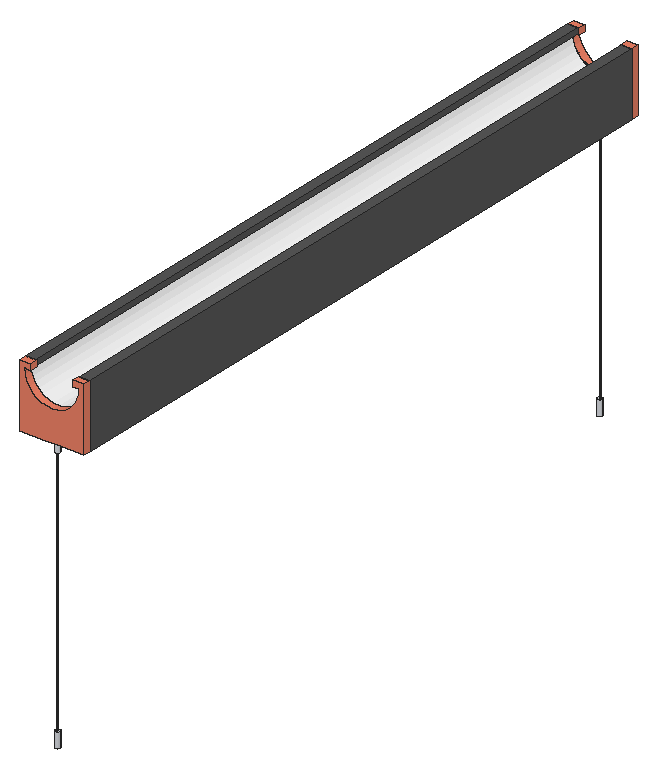
Revit family "ARX.4-P-DI", category Lighting Fixtures, host Face, Revit 2018
Family settings
  Host = Face
  Round Connector Dimension = Use Diameter
  Part Type = Normal
  Cut with Voids When Loaded = No
  Light Source = Yes
  Shared = Yes
  Room Calculation Point = Yes
Parameters (values of type "4' Direct/ Indirect")
  Wattage = 35.2941 W
  built-in parameter 1150110 = 1 (stored number, unit not read)
  Voltage = 0 V
  built-in parameter 1114217 = 1 (stored number, unit not read)
  Tilt Angle = 90.00°
  built-in parameter 1150109 = 1 (stored number, unit not read)
  built-in parameter 1150134 = 12
  Switch Leg Visibility = no
  Switch Leg [instance] = ""
  Suspension Length [instance] = 2' - 0"
  built-in parameter 1150113 = 1 (stored number, unit not read)
  Photometric Web File = "ARX-P-DI_375_375_4_40K_8.ies"
  Material - Body [instance] = LUX ILLUMINAIRE Black
  Material - End Cap [instance] = LUX ILLUMINAIRE Orange
  built-in parameter 1150105 = 238.73 (stored number, unit not read)
  Lumens = 3000 lm
  built-in parameter 1150115 = 1 (stored number, unit not read)
  built-in parameter 1150137 = (empty or 0)
  built-in parameter 1150139 = (empty or 0)
  built-in parameter 1150112 = 1 (stored number, unit not read)
  built-in parameter 1150114 = 1 (stored number, unit not read)
  Lamp = "LED"
  built-in parameter 1150132 = 2
  built-in parameter 1150102 = (empty or 0)
  built-in parameter 1150107 = 4000 (stored number, unit not read)
  built-in parameter 1150138 = (empty or 0)
  Indirect Light Source = Fixture Length - 0' 3"  # 3' - 9"
  built-in parameter 1150106 = 2.3873 (stored number, unit not read)
  Fixture Width = 0' - 4 1/2"  # constant formula
  Fixture Symbol Visiblity = yes
  Fixture Length = 4' - 0"
  Emit from Rectangle Width = 0' - 3"  # constant formula
  Emit from Rectangle Length = Fixture Length  # 4' - 0"
  Emit Shape Visible in Rendering = no
  Emergency Lighting [instance] = no
  built-in parameter 1150104 = 7.8968 (stored number, unit not read)
  Dimming Lamp Color Temperature Shift = <None>
  Default Elevation = 4' - 0"
  Color Filter = 16777215
  built-in parameter 1140040 [instance] = 1
  built-in parameter 1114218 = 1 (stored number, unit not read)
  built-in parameter 1150133 = 10 (stored number, unit not read)
  Apparent Load = 23.3 VA
Types (7): name | Wattage | built-in parameter 1150105 | Lumens | Indirect Light Source | built-in parameter 1150106 | Fixture Length | Emit from Rectangle Length | Apparent Load
  2' Direct/ Indirect | 17.6471 W | 119.37 (stored number, unit not read) | 1500 lm | 1' - 9" | 1.1937 (stored number, unit not read) | 2' - 0" | 2' - 0" | 11.7 VA
  3' Direct/ Indirect | 26.4706 W | 179.05 (stored number, unit not read) | 2250 lm | 2' - 9" | 1.7905 (stored number, unit not read) | 3' - 0" | 3' - 0" | 17.5 VA
  4' Direct/ Indirect | 35.2941 W | 238.73 (stored number, unit not read) | 3000 lm | 3' - 9" | 2.3873 (stored number, unit not read) | 4' - 0" | 4' - 0" | 23.3 VA
  5' Direct/ Indirect | 44.1176 W | 298.42 (stored number, unit not read) | 3750 lm | 4' - 9" | 2.9842 (stored number, unit not read) | 5' - 0" | 5' - 0" | 29.1 VA
  6' Direct/ Indirect | 52.9412 W | 358.1 (stored number, unit not read) | 4500 lm | 5' - 9" | 3.581 (stored number, unit not read) | 6' - 0" | 6' - 0" | 35 VA
  7' Direct/ Indirect | 61.7647 W | 417.78 (stored number, unit not read) | 5250 lm | 6' - 9" | 4.1778 (stored number, unit not read) | 7' - 0" | 7' - 0" | 40.8 VA
  8' Direct/ Indirect | 70.5882 W | 477.46 (stored number, unit not read) | 6000 lm | 7' - 9" | 4.7746 (stored number, unit not read) | 8' - 0" | 8' - 0" | 46.6 VA
Reference planes (in)
  plane 1 "Center (Front/Back)": y = 0
  plane 2: z = 0
  plane 3 "Center (Left/Right)": x = 0
  plane 4: x = 2.25
  plane 5: x = -2.25
  plane 6: y = 24
  plane 7: y = -24
  plane 8: z = 24
  plane 9: y = 24.5
  plane 10: y = -24.5
  plane 11: z = 1
  plane 12: z = 19.5
  plane 13: z = 18.75
Forms (in)
  Extrusion 1, solid, material "LUX ILLUMINAIRE Black" <- "Material - Body"
    sketch origin (0, 0, 0) x (1, 0, 0) y (0, 0, 1)
      loop
        line (-2.25025, 19.4985) -> (-0.437, 19.4985) -> (0.438, 19.4985) -> (2.25126, 19.4985) -> (2.25126, 24) -> (1.53869, 24) -> (1.53869, 23.61455) -> (1.99286, 23.61455)
        arc (1.99286, 23.61455) -> (-0.00674, 21.56222) -> (-2.00634, 23.61455) r 2.00028
        line (-2.00634, 23.61455) -> (-1.53881, 23.61455) -> (-1.53881, 24) -> (-2.25025, 24) -> (-2.25025, 19.4985)
    from -24 to 24
  Extrusion 2, solid, material "LUX ILLUMINAIRE Orange" <- "Material - End Cap"
    sketch origin (0, 0, 0) x (1, 0, 0) y (0, 0, 1)
      loop
        line (-2.25025, 24) -> (-2.25025, 19.4985) -> (-0.437, 19.4985) -> (0.438, 19.4985) -> (2.25126, 19.4985) -> (2.25126, 24) -> (1.50013, 24) -> (1.50013, 23.5625) -> (1.89951, 23.5625)
        arc (1.89951, 23.5625) -> (-0.00674, 21.65625) -> (-1.91299, 23.5625) r 1.90625
        line (-1.91299, 23.5625) -> (-1.50025, 23.5625) -> (-1.50025, 24) -> (-2.25025, 24)
    from 24 to 24.5
  Extrusion 3, solid
    sketch origin (0, 0, 0) x (1, 0, 0) y (0, 1, 0)
      loop
        circle (0.00029, -24) r 0.1875
    from 0 to 1
  Extrusion 4, solid
    sketch origin (0, 0, 0) x (1, 0, 0) y (0, 1, 0)
      loop
        circle (0.0005, -24) r 0.03125
    from 1 to 18.75
  Extrusion 5, solid
    sketch origin (0, 0, 0) x (1, 0, 0) y (0, 1, 0)
      loop
        circle (0.0005, -24) r 0.18729
    from 18.75 to 19.5
  Extrusion 6, solid, not visible
    sketch origin (0, 0, 0) x (1, 0, 0) y (0, 1, 0)
      loop
        circle (0.00029, -24) r 0.1875
    from 0 to 1
  Extrusion 7, solid, not visible
    sketch origin (0, 0, 0) x (1, 0, 0) y (0, 1, 0)
      loop
        circle (0.0005, -24) r 0.03125
    from 1 to 13.33203
  Extrusion 8, solid, not visible
    sketch origin (0, 0, 0) x (1, 0, 0) y (0, 1, 0)
      loop
        circle (0.0005, -24) r 0.18729
    from 13.33203 to 14.08203
  Extrusion 9, solid, material "LUX ILLUMINAIRE Orange" <- "Material - End Cap"
    sketch origin (0.00056, 24, 0) x (1, 0, 0) y (0, 0, -1)
      loop
        line (-2.25056, -24) -> (-1.50082, -24) -> (-1.50082, -23.5625) -> (-1.91355, -23.5625)
        arc (-1.91355, -23.5625) -> (-0.0073, -21.65625) -> (1.89895, -23.5625) r 1.90625
        line (1.89895, -23.5625) -> (1.49957, -23.5625) -> (1.49957, -24) -> (2.24944, -24) -> (2.24944, -19.4985) -> (0.438, -19.4985) -> (-0.437, -19.4985) -> (-2.25056, -19.4985) -> (-2.25056, -24)
    from 0 to 0.5
  Extrusion 10, solid
    sketch origin (0, 0, 0) x (1, 0, 0) y (0, 1, 0)
      loop
        circle (0.00029, 24) r 0.1875
    from 0 to 1
  Extrusion 11, solid
    sketch origin (0, 0, 0) x (1, 0, 0) y (0, 1, 0)
      loop
        circle (0.0005, 24) r 0.03125
    from 1 to 18.75
  Extrusion 12, solid
    sketch origin (0, 0, 0) x (1, 0, 0) y (0, 1, 0)
      loop
        circle (0.0005, 24) r 0.18729
    from 18.75 to 19.5
  Extrusion 13, solid, material "Light Emit"
    sketch origin (0, 0, 0) x (1, 0, 0) y (0, 0, 1)
      loop
        line (-1.98294, 23.61455) -> (-2.09548, 23.61455)
        arc (-2.09548, 23.61455) -> (-0.00674, 21.47311) -> (2.082, 23.61455) r 2.08939
        line (2.082, 23.61455) -> (1.96946, 23.61455)
        arc (1.96946, 23.61455) -> (-0.00674, 21.58562) -> (-1.98294, 23.61455) r 1.97688
    from -24 to 24
Lines and regions (in)
  symbolic lines, visible <- "Fixture Symbol Visiblity"
    curve 1: line (-2.25, 24, 0) -> (2.25, 24, 0)
    curve 2: line (-2.25, -24, 0) -> (-2.25, 24, 0)
    curve 3: line (2.25, -24, 0) -> (-2.25, -24, 0)
    curve 4: line (2.25, 24, 0) -> (2.25, -24, 0)
Dimensions and locks (in)
  plane 5 to plane 4 = 0' - 4 1/2"
  equal spacing: plane 7, plane 1 "Center (Front/Back)", plane 6
  "Fixture Length": plane 7 to plane 6
  "Suspension Length": plane 8 to level
  "Fixture Width": plane 4 to plane 5
  equal spacing: plane 4, plane 3 "Center (Left/Right)", plane 5
  locked: nested 2 to plane 10 at 9.5
  locked: nested 3 to Extrusion 1 at 0.09086
  plane 8 to plane 12 to plane 13 = 0' - 4 1/2" locked, 0' - 0 3/4" locked
  locked: plane 9 to plane 6 at 0.5
  locked: plane 7 to plane 10 at 0.5
  aligned and locked: plane 2 to host face
  aligned and locked: level to host face
  aligned and locked: Extrusion 9 to plane 5
  aligned and locked: plane 4 to Extrusion 9
  aligned and locked: plane 6 to Extrusion 9
  aligned and locked: Extrusion 1 to plane 6
  aligned and locked: plane 10 to Extrusion 2
  aligned and locked: Extrusion 2 to plane 7
  aligned and locked: plane 7 to Extrusion 1
  aligned and locked: Extrusion 9 to plane 9
  aligned and locked: plane 12 to Extrusion 12
  aligned and locked: Extrusion 12 to plane 13
  aligned and locked: plane 13 to Extrusion 11
  aligned and locked: plane 12 to Extrusion 5
  aligned and locked: Extrusion 5 to plane 13
  aligned and locked: plane 13 to Extrusion 4
  aligned and locked: plane 7 to nested 1
  aligned and locked: plane 6 to curve 1
  aligned and locked: plane 5 to curve 2
  aligned and locked: curve 3 to plane 7
  aligned and locked: curve 4 to plane 4
  aligned and locked: nested 1 to plane 6
  aligned and locked: Extrusion 2 sketch curve to plane 8  (x2)
  aligned and locked: Extrusion 1 sketch curve to plane 8  (x2)
  aligned and locked: Extrusion 9 sketch curve to plane 8  (x2)
  aligned and locked: Extrusion 13 to plane 6
  aligned and locked: plane 7 to Extrusion 13
  aligned and locked: imposter light to plane 8
Automatic sketch dimensions
  host sketch curve to host sketch curve = 8' - 0"  (x2)
  Extrusion 1 sketch curve to plane 5 = 0' - 0.00025"
  Extrusion 1 sketch curve to plane 12 = 0' - 0.0015"
  Extrusion 1 sketch curve to plane 3 "Center (Left/Right)" = 0' - 0.437"
  plane 3 "Center (Left/Right)" to Extrusion 1 sketch curve = 0' - 0.438"
  Extrusion 2 sketch curve to plane 5 = 0' - 0.00025"
  Extrusion 2 sketch curve to plane 12 = 0' - 0.0015"
  Extrusion 2 sketch curve to plane 3 "Center (Left/Right)" = 0' - 0.437"
  plane 3 "Center (Left/Right)" to Extrusion 2 sketch curve = 0' - 0.438"
  plane 4 to Extrusion 2 sketch curve = 0' - 0.00126"
  plane 5 to Extrusion 9 sketch curve = 0' - 0"
  Extrusion 9 sketch curve to plane 12 = 0' - 0.0015"
  Extrusion 9 sketch curve to plane 3 "Center (Left/Right)" = 0' - 0.43644"
  plane 3 "Center (Left/Right)" to Extrusion 9 sketch curve = 0' - 0.43856"
  plane 4 to Extrusion 9 sketch curve = 0' - 0"
  plane 7 to Extrusion 3 sketch curve = 0' - 0"
  plane 3 "Center (Left/Right)" to Extrusion 3 sketch curve = 0' - 0.00029"
  plane 7 to Extrusion 4 sketch curve = 0' - 0"
  plane 3 "Center (Left/Right)" to Extrusion 4 sketch curve = 0' - 0.0005"
  plane 7 to Extrusion 5 sketch curve = 0' - 0"
  plane 3 "Center (Left/Right)" to Extrusion 5 sketch curve = 0' - 0.0005"
  plane 6 to Extrusion 10 sketch curve = 0' - 0"
  plane 3 "Center (Left/Right)" to Extrusion 10 sketch curve = 0' - 0.00029"
  plane 6 to Extrusion 11 sketch curve = 0' - 0"
  plane 3 "Center (Left/Right)" to Extrusion 11 sketch curve = 0' - 0.0005"
  plane 6 to Extrusion 12 sketch curve = 0' - 0"
  plane 3 "Center (Left/Right)" to Extrusion 12 sketch curve = 0' - 0.0005"
  plane 5 to Extrusion 2 sketch curve = 0' - 0.33701"
  Extrusion 2 sketch curve to Extrusion 2 sketch curve = 0' - 0.41274"
  Extrusion 2 sketch curve to plane 3 "Center (Left/Right)" = 0' - 0.00674"
  Extrusion 2 sketch curve to Extrusion 2 sketch curve = 0' - 0.39938"
  Extrusion 2 sketch curve to plane 8 = 0' - 0 7/16"
  plane 4 to Extrusion 1 sketch curve = 0' - 0.00126"
  plane 5 to Extrusion 1 sketch curve = 0' - 0.24366"
  Extrusion 1 sketch curve to Extrusion 1 sketch curve = 0' - 0.46753"
  Extrusion 1 sketch curve to plane 3 "Center (Left/Right)" = 0' - 0.00674"
  Extrusion 1 sketch curve to plane 4 = 0' - 0.71131"
  Extrusion 1 sketch curve to plane 4 = 0' - 0.25714"
  Extrusion 1 sketch curve to plane 8 = 0' - 0 7/16"
  Extrusion 1 sketch curve to plane 8 = 0' - 0.38545"
  plane 5 to Extrusion 9 sketch curve = 0' - 0.33701"
  Extrusion 9 sketch curve to Extrusion 9 sketch curve = 0' - 0.41274"
  Extrusion 9 sketch curve to plane 3 "Center (Left/Right)" = 0' - 0.00674"
  Extrusion 9 sketch curve to Extrusion 9 sketch curve = 0' - 0.39938"
  Extrusion 9 sketch curve to plane 8 = 0' - 0 7/16"
  Extrusion 13 sketch curve to Extrusion 13 sketch curve = 0' - 0"  (x2)
  plane 5 to Extrusion 13 sketch curve = 0' - 0.15452"
  Extrusion 13 sketch curve to Extrusion 13 sketch curve = 0' - 0.11255"
  Extrusion 13 sketch curve to plane 3 "Center (Left/Right)" = 0' - 0.00674"
  Extrusion 13 sketch curve to plane 4 = 0' - 0.28054"
  Extrusion 13 sketch curve to plane 8 = 0' - 0 7/16"
  Extrusion 13 sketch curve to plane 8 = 0' - 0.38545"
  radius of Extrusion 3 sketch curve = 0' - 0 3/16"
  radius of Extrusion 4 sketch curve = 0' - 0 1/32"
  radius of Extrusion 5 sketch curve = 0' - 0.18729"
  radius of Extrusion 6 sketch curve = 0' - 0 3/16"
  radius of Extrusion 7 sketch curve = 0' - 0 1/32"
  radius of Extrusion 8 sketch curve = 0' - 0.18729"
  radius of Extrusion 10 sketch curve = 0' - 0 3/16"
  radius of Extrusion 11 sketch curve = 0' - 0 1/32"
  radius of Extrusion 12 sketch curve = 0' - 0.18729"
Nested families (in)
  nested 1: "Emergency Symbol Rectangle" at (-11.85739, 0, 0) x (0, 1, 0) z (0, 0, 1), visible <- "Emergency Lighting", type "Emergency Symbol Rectangle"
    with Width 1' - 0.40228", Length 4' - 0"
  nested 2: "Switch Leg Annotation" at (9.99627, -15, 0) x (0, 1, 0) z (0, 0, 1), visible <- "Switch Leg Visibility", Switch Leg Annotation <- "Switch Leg", type "Switch Leg Annotation"
    with Switch Leg Annotation ""
  nested 3: "Indirect Light Source 2" at (-8.67032, 0.00882, -34.59236) x (0, 1, 0) z (0, 0, 1), type "Indirect Light Source 2"
Connectors (in)
  electrical at (0.00029, 24, 0), driven by "Apparent Load", driven by "Voltage"
    settings: on Extrusion 10, index 1, voltage 0 V, apparent load 0 VA, apparent load phase1 23.3 VA, apparent load phase2 0 VA, apparent load phase3 0 VA, power factor 1, load classification "Other", number of poles 1, system type 31, power factor state 1, is connector primary yes, connector utility no, sub classification motor no, connector description ""
Definition of nested family "Emergency Symbol Rectangle"
  Parameters (values of type "Emergency Symbol Rectangle")
    Width [instance] = 0' - 8 1/2"
    Length [instance] = 5' - 0"
    Emergency Visibility = no
  Reference planes (in)
    plane 1 "Center (Front/Back)": y = -7.75
    plane 2: z = 0
    plane 3 "Center (Left/Right)": x = -24
    plane 4: x = 24
    plane 5: x = -36
    plane 6: y = -3.5
    plane 7: y = -12
  Lines and regions (in)
    Filled region 1, type "Solid Fill - Black", in view "Ref. Level", detail levels coarse+medium
      outline origin (0, 0.25, 0) x (1, 0, 0) y (0, 1, 0)
        loop
          line (-36, -12.25) -> (24, -12.25) -> (-36, -10.125) -> (-36, -12.25)
  Dimensions and locks (in)
    equal spacing: plane 7, plane 1 "Center (Front/Back)", plane 6
    "Width": plane 7 to plane 6
    "Length": plane 5 to plane 4
    aligned and locked: plane 5 to Filled region 1
  Automatic sketch dimensions
    plane 1 "Center (Front/Back)" to Filled region 1 sketch curve = 0' - 2 1/8"
    Filled region 1 sketch curve to plane 3 "Center (Left/Right)" = 1' - 0"
    Filled region 1 sketch curve to plane 4 = 0' - 0"
    Filled region 1 sketch curve to plane 7 = 0' - 0"
Definition of nested family "Switch Leg Annotation"
  Parameters (values of type "Switch Leg Annotation")
    Switch Leg Annotation [instance] = ""
  Reference planes (in)
    plane 1: y = 0
    plane 2: x = 0
  Text (in)
    label "a" at (0.00527, 0.01239, 0), shows "Switch Leg Annotation"
Definition of nested family "Indirect Light Source 2"
  Parameters (values of type "Indirect Light Source 2")
    Wattage = 20 W
    built-in parameter 1150110 = 1 (stored number, unit not read)
    built-in parameter 1114217 = 1 (stored number, unit not read)
    built-in parameter 1150109 = 1 (stored number, unit not read)
    built-in parameter 1150134 = (empty or 0)
    built-in parameter 1150113 = 1 (stored number, unit not read)
    Lumens = 1700 lm
    built-in parameter 1150115 = 1 (stored number, unit not read)
    built-in parameter 1150105 = 541.13 (stored number, unit not read)
    Light Source Symbol Size = 2' - 0"
    built-in parameter 1150137 = (empty or 0)
    built-in parameter 1150139 = (empty or 0)
    built-in parameter 1150112 = 1 (stored number, unit not read)
    built-in parameter 1150114 = 1 (stored number, unit not read)
    built-in parameter 1150132 = (empty or 0)
    built-in parameter 1150102 = (empty or 0)
    built-in parameter 1150138 = (empty or 0)
    built-in parameter 1150107 = 3500 (stored number, unit not read)
    built-in parameter 1150106 = 5.4113 (stored number, unit not read)
    Emit from Rectangle Width = 0' - 4 3/16"
    Emit from Rectangle Length = 7' - 11 1/2"
    Emit Shape Visible in Rendering = yes
    built-in parameter 1150104 = 7.8968 (stored number, unit not read)
    Dimming Lamp Color Temperature Shift = (empty or 0)
    Color Filter = 16777215
    built-in parameter 1114218 = 1 (stored number, unit not read)
    built-in parameter 1150133 = 10 (stored number, unit not read)
  Reference planes (in)
    plane 1 "Light Source Axis (F/B)": y = -8.60801
    plane 2: z = 0
    plane 3 "Light Source Axis (L/R)": x = 0
    plane 4 "Light Source Elevation": z = 54
    plane 5: z = 0
  Lines and regions (in)
    model lines
      curve 1: line (-22, -8.60801, 54) -> (21, -8.60801, 54)
  Dimensions and locks (in)
    aligned and locked: plane 3 "Light Source Axis (L/R)" to imposter light
    aligned and locked: level to plane 5
